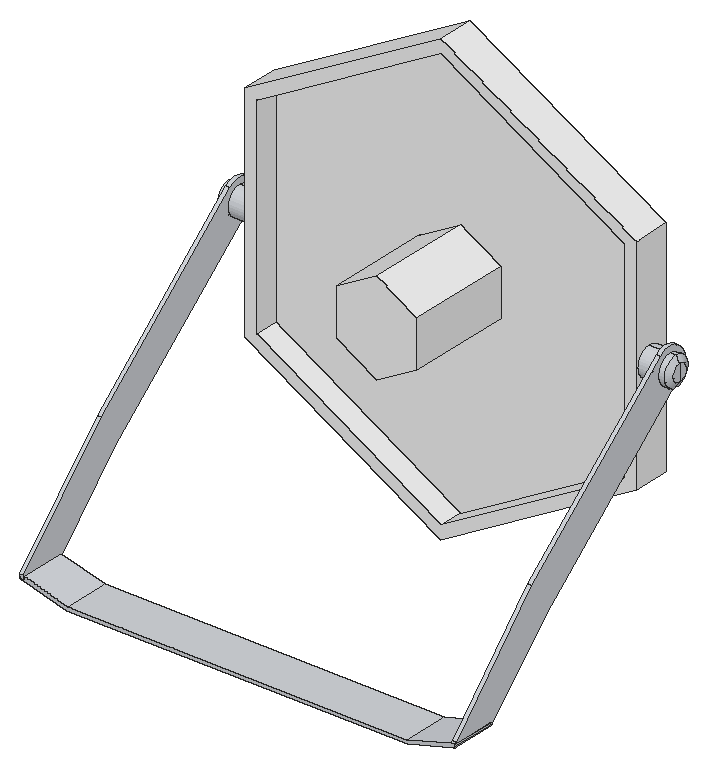
Revit family "Lighting-Proiezione-GEWISS-ESALITE-FL-PROIETTORI-LED_24K_DALI", category Apparecchi per illuminazione, host Superficie, Revit 2019 (continued)
Definition of nested family "Laterale - FL24"
  Lines and regions (mm)
    detail lines, in view "Livello rif."
      curve 309: line (-342.633, 0.917, 0) -> (-342.241, 0.617, 0)
      curve 310: line (-342.241, 0.617, 0) -> (-341.851, 0.369, 0)
      curve 311: line (-341.851, 0.369, 0) -> (-341.599, 0.236, 0)
      curve 312: line (-341.599, 0.236, 0) -> (-341.36, 0.132, 0)
      curve 313: line (-341.36, 0.132, 0) -> (-341.045, 0.032, 0)
      curve 314: line (-341.045, 0.032, 0) -> (-340.801, 0, 0)
      curve 315: line (-208.306, 86.16, 0) -> (-208.84, 85.911, 0)
      curve 316: line (-208.84, 85.911, 0) -> (-209.194, 85.725, 0)
      curve 317: line (-209.194, 85.725, 0) -> (-209.88, 85.332, 0)
      curve 318: line (-209.88, 85.332, 0) -> (-210.897, 84.701, 0)
      curve 319: line (-210.897, 84.701, 0) -> (-211.882, 84.069, 0)
      curve 320: line (-211.882, 84.069, 0) -> (-212.37, 83.76, 0)
      curve 321: line (-212.37, 83.76, 0) -> (-212.998, 83.384, 0)
      curve 322: line (-212.998, 83.384, 0) -> (-213.309, 83.216, 0)
      curve 323: line (-208.306, 146.251, 0) -> (-208.726, 146.092, 0)
      curve 324: line (-208.726, 146.092, 0) -> (-209.238, 145.923, 0)
      curve 325: line (-209.238, 145.923, 0) -> (-210.286, 145.605, 0)
      curve 326: line (-210.286, 145.605, 0) -> (-211.386, 145.275, 0)
      curve 327: line (-211.386, 145.275, 0) -> (-212.446, 144.931, 0)
      curve 328: line (-212.446, 144.931, 0) -> (-212.916, 144.756, 0)
      curve 329: line (-212.916, 144.756, 0) -> (-213.309, 144.581, 0)
      curve 330: arc (5.288, 265.386, 0) -> (8.111, 297.828, 0) -> (-24.334, 300.621, 0) r 23.016
      curve 331: circle (-9.507, 283.018, 0) r 7.405 normal (0, 0, 1)
      curve 332: circle (-9.507, 283.018, 0) r 10.707 normal (0, 0, 1)
      curve 333: line (-135.704, 289.405, 0) -> (-85.55, 290.28, 0)
      curve 334: line (-135.704, 276.63, 0) -> (-85.536, 275.755, 0)
      curve 335: line (-65.164, 427.446, 0) -> (-59.787, 427.538, 0)
      curve 336: line (-59.787, 427.538, 0) -> (-65.164, 427.446, 0)
      curve 337: line (-136.695, 277.631, 0) -> (-136.695, 288.404, 0)
      curve 338: line (-100.88, 336.015, 0) -> (-102.35, 336.015, 0)
      curve 339: line (-103.454, 328.872, 0) -> (-102.975, 328.049, 0)
      curve 340: line (-102.975, 328.049, 0) -> (-102.78, 328.055, 0)
      curve 341: line (-102.78, 328.055, 0) -> (-102.308, 328.873, 0)
      curve 342: line (-102.703, 357.247, 0) -> (-102.224, 358.07, 0)
      curve 343: line (-102.224, 358.07, 0) -> (-102.03, 358.064, 0)
      curve 344: line (-102.03, 358.064, 0) -> (-101.558, 357.246, 0)
      curve 345: line (-104.205, 357.246, 0) -> (-103.725, 358.07, 0)
      curve 346: line (-103.725, 358.07, 0) -> (-103.531, 358.064, 0)
      curve 347: line (-103.531, 358.064, 0) -> (-103.06, 357.248, 0)
      curve 348: line (-104.955, 328.872, 0) -> (-104.476, 328.049, 0)
      curve 349: line (-104.476, 328.049, 0) -> (-104.282, 328.055, 0)
      curve 350: line (-104.282, 328.055, 0) -> (-103.81, 328.871, 0)
      curve 351: line (-105.706, 357.246, 0) -> (-105.226, 358.07, 0)
      curve 352: line (-105.226, 358.07, 0) -> (-105.032, 358.064, 0)
      curve 353: line (-105.032, 358.064, 0) -> (-104.56, 357.247, 0)
      curve 354: line (-106.456, 328.872, 0) -> (-105.977, 328.049, 0)
      curve 355: line (-105.977, 328.049, 0) -> (-105.783, 328.055, 0)
      curve 356: line (-105.783, 328.055, 0) -> (-105.311, 328.871, 0)
      curve 357: line (-107.207, 357.246, 0) -> (-106.727, 358.07, 0)
      curve 358: line (-106.727, 358.07, 0) -> (-106.533, 358.064, 0)
      curve 359: line (-106.533, 358.064, 0) -> (-106.061, 357.247, 0)
      curve 360: line (-107.957, 328.872, 0) -> (-107.478, 328.049, 0)
      curve 361: line (-107.478, 328.049, 0) -> (-107.284, 328.055, 0)
      curve 362: line (-107.284, 328.055, 0) -> (-106.812, 328.871, 0)
      curve 363: line (-108.708, 357.246, 0) -> (-108.228, 358.07, 0)
      curve 364: line (-108.228, 358.07, 0) -> (-108.034, 358.064, 0)
      curve 365: line (-108.034, 358.064, 0) -> (-107.562, 357.247, 0)
      curve 366: line (-109.458, 328.872, 0) -> (-108.979, 328.049, 0)
      curve 367: line (-108.979, 328.049, 0) -> (-108.785, 328.055, 0)
      curve 368: line (-108.785, 328.055, 0) -> (-108.313, 328.871, 0)
      curve 369: line (-110.208, 357.247, 0) -> (-109.729, 358.07, 0)
      curve 370: line (-109.729, 358.07, 0) -> (-109.535, 358.064, 0)
      curve 371: line (-109.535, 358.064, 0) -> (-109.064, 357.247, 0)
      curve 372: line (-110.286, 328.055, 0) -> (-109.814, 328.871, 0)
      curve 373: line (-100.616, 328.97, 0) -> (-102.131, 328.97, 0)
      curve 374: line (-95.749, 326.048, 0) -> (-99.607, 326.048, 0)
      curve 375: line (-94.707, 327.879, 0) -> (-79.082, 327.879, 0)
      curve 376: line (-100.598, 357.149, 0) -> (-101.38, 357.149, 0)
      curve 377: line (-95.748, 360.071, 0) -> (-99.607, 360.071, 0)
      curve 378: line (-94.769, 358.24, 0) -> (-81.148, 358.24, 0)
      curve 379: line (-110.382, 359.86, 0) -> (-110.382, 359.183, 0)
      curve 380: line (-110.382, 359.183, 0) -> (-110.382, 355.274, 0)
      curve 381: line (-110.382, 355.123, 0) -> (-110.382, 351.179, 0)
      curve 382: line (-110.382, 351.056, 0) -> (-110.382, 343.528, 0)
      curve 383: line (-110.382, 343.528, 0) -> (-110.382, 343.36, 0)
      curve 384: line (-110.382, 343.36, 0) -> (-110.382, 338.431, 0)
      curve 385: line (-110.382, 338.431, 0) -> (-110.382, 338.257, 0)
      curve 386: line (-110.382, 338.257, 0) -> (-110.382, 331.508, 0)
      curve 387: line (-110.382, 331.421, 0) -> (-110.382, 328.395, 0)
      curve 388: line (-110.382, 328.271, 0) -> (-110.382, 326.25, 0)
      curve 389: line (-113.384, 359.991, 0) -> (-113.384, 359.384, 0)
      curve 390: line (-113.384, 359.384, 0) -> (-113.384, 357.792, 0)
      curve 391: line (-113.384, 357.792, 0) -> (-113.384, 355.42, 0)
      curve 392: line (-113.384, 355.172, 0) -> (-113.384, 351.36, 0)
      curve 393: line (-113.384, 351.159, 0) -> (-113.384, 343.527, 0)
      curve 394: line (-113.384, 343.255, 0) -> (-113.384, 338.489, 0)
      curve 395: line (-113.384, 331.37, 0) -> (-113.384, 338.203, 0)
      curve 396: line (-113.384, 328.294, 0) -> (-113.384, 331.227, 0)
      curve 397: line (-113.384, 328.093, 0) -> (-113.384, 326.054, 0)
      curve 398: line (-113.384, 326.054, 0) -> (-110.591, 326.054, 0)
      curve 399: line (-133.398, 356.862, 0) -> (-133.398, 356.653, 0)
      curve 400: line (-133.398, 356.653, 0) -> (-133.398, 354.326, 0)
      curve 401: line (-133.398, 354.326, 0) -> (-133.398, 351.926, 0)
      curve 402: line (-133.398, 351.926, 0) -> (-133.398, 347.672, 0)
      curve 403: line (-133.398, 347.672, 0) -> (-133.398, 338.447, 0)
      curve 404: line (-133.398, 338.447, 0) -> (-133.398, 334.099, 0)
      curve 405: line (-133.398, 334.099, 0) -> (-133.398, 329.487, 0)
      curve 406: line (-133.398, 329.487, 0) -> (-133.398, 329.257, 0)
      curve 407: line (-113.382, 360.065, 0) -> (-110.582, 360.065, 0)
      curve 408: line (-132.255, 358.012, 0) -> (-126.655, 358.012, 0)
      curve 409: line (-132.255, 328.107, 0) -> (-126.702, 328.107, 0)
      curve 410: line (-133.252, 357.216, 0) -> (-132.603, 357.865, 0)
      curve 411: line (-133.252, 328.903, 0) -> (-132.603, 328.254, 0)
      curve 412: line (-80.61, 364.415, 0) -> (-77.246, 364.415, 0)
      curve 413: line (57.131, 13.22, 0) -> (60.042, 23.991, 0)
      curve 414: line (60.042, 23.948, 0) -> (60.042, 542.087, 0)
      curve 415: line (0, 259.295, 0) -> (0, 260.949, 0)
      curve 416: line (0, 260.949, 0) -> (0, 33.93, 0)
      curve 417: line (0, 33.93, 0) -> (0, 16.436, 0)
      curve 418: line (0, 16.436, 0) -> (0, 15.899, 0)
      curve 419: line (0, 550.136, 0) -> (0, 532.089, 0)
      curve 420: line (0, 532.089, 0) -> (0, 303.979, 0)
      curve 421: line (56.509, 13.22, 0) -> (0.979, 14.899, 0)
      curve 422: line (56.509, 552.815, 0) -> (0.979, 551.136, 0)
      curve 423: line (-0.981, 34.213, 0) -> (-15.159, 34.489, 0)
      curve 424: line (-15.159, 531.546, 0) -> (-0.949, 531.823, 0)
      curve 425: line (-0.949, 531.823, 0) -> (-15.159, 531.546, 0)
      curve 426: line (-49.495, 79.38, 0) -> (-59.642, 138.254, 0)
      curve 427: line (-49.174, 60.525, 0) -> (-51.634, 74.648, 0)
      curve 428: line (-51.697, 75.344, 0) -> (-51.697, 75.668, 0)
      curve 429: line (-213.309, 83.216, 0) -> (-295.06, 0, 0)
      curve 430: line (-295.06, 0, 0) -> (-340.801, 0, 0)
      curve 431: line (-213.309, 144.581, 0) -> (-345.514, 10.007, 0)
      curve 432: line (5.288, 265.386, 0) -> (-208.306, 86.16, 0)
      curve 433: line (-24.334, 300.621, 0) -> (-208.306, 146.251, 0)
      curve 434: arc (-79.651, 269.739, 0) -> (-79.599, 262.039, 0) -> (-79.491, 254.339, 0) r 1058.743
      curve 435: arc (-74.529, 397.092, 0) -> (-78.292, 346.747, 0) -> (-79.651, 296.28, 0) r 1058.747
      curve 436: line (-102.381, 336.015, 0) -> (-102.282, 331.719, 0)
      curve 437: line (-102.282, 331.719, 0) -> (-102.228, 330.122, 0)
      curve 438: line (-102.228, 330.122, 0) -> (-102.19, 329.401, 0)
      curve 439: line (-102.19, 329.401, 0) -> (-102.15, 329.019, 0)
      curve 440: line (-100.178, 328.71, 0) -> (-100.133, 326.875, 0)
      curve 441: line (-100.133, 326.875, 0) -> (-100.112, 326.552, 0)
      curve 442: line (-100.093, 326.664, 0) -> (-100.081, 326.969, 0)
      curve 443: line (-100.081, 326.969, 0) -> (-100.061, 328.127, 0)
      curve 444: line (-100.061, 328.127, 0) -> (-100.036, 333.103, 0)
      curve 445: line (-100.036, 333.103, 0) -> (-100.036, 340.348, 0)
      curve 446: line (-100.036, 340.348, 0) -> (-100.083, 348.214, 0)
      curve 447: line (-100.083, 348.214, 0) -> (-100.144, 354.902, 0)
      curve 448: line (-100.144, 354.902, 0) -> (-100.179, 357.363, 0)
      curve 449: spline (-110.582, 326.054, 0) -> (-110.556, 326.056, 0) -> (-110.53, 326.061, 0) -> (-110.506, 326.069, 0) -> (-110.482, 326.081, 0) -> (-110.46, 326.096, 0) -> (-110.441, 326.113, 0) -> (-110.423, 326.132, 0) -> (-110.409, 326.154, 0) -> (-110.397, 326.178, 0) -> (-110.389, 326.202, 0) -> (-110.384, 326.228, 0) -> (-110.382, 326.254, 0)
      curve 450: arc (-122.823, 325.447, 0) -> (-122.235, 325.381, 0) -> (-121.646, 325.327, 0) r 25.802
      curve 451: arc (-121.635, 325.326, 0) -> (-117.479, 325.344, 0) -> (-113.384, 326.054, 0) r 24.846
      curve 452: line (-113.384, 326.054, 0) -> (-110.591, 326.054, 0)
      curve 453: line (56.522, 148.147, 0) -> (0, 148.717, 0)
      curve 454: line (60.042, 417.563, 0) -> (0, 417.318, 0)
      curve 455: line (-49.178, 60.546, 0) -> (-49.178, 60.899, 0)
      curve 456: line (-49.495, 486.655, 0) -> (-59.787, 427.538, 0)
      curve 457: circle (-9.507, 283.018, 0) r 18.013 normal (0, 0, 1)
      curve 458: line (57.131, 13.22, 0) -> (56.522, 13.22, 0)
      curve 459: line (56.522, 13.22, 0) -> (56.522, 552.815, 0)
      curve 460: line (56.522, 552.815, 0) -> (56.942, 552.815, 0)
      curve 461: line (-65.164, 138.589, 0) -> (-60.631, 138.481, 0)
      curve 462: line (-80.912, 364.115, 0) -> (-80.912, 359.233, 0)
      curve 463: line (-49.174, 505.51, 0) -> (-51.697, 490.367, 0)
Definition of nested family "Dall'alto - FL24"
  Reference planes
    plane 1 "Centro (Fronte/Retro)": y = 0
    plane 2: z = 0
    plane 3 "Centro (Sinistra/Destra)": x = 0
  Lines and regions (mm)
    model lines, in view "Livello rif."
      curve 1: arc (8.393, 66.647, 0) -> (9.094, 66.933, 0) -> (9.393, 67.63, 0) r 1.001
      curve 2: arc (138.425, 118.733, 0) -> (138.115, 119.408, 0) -> (137.426, 119.684, 0) r 1.001
      curve 3: arc (-132.321, 130.127, 0) -> (-135.319, 128.469, 0) -> (-136.548, 125.271, 0) r 5.003
      curve 4: arc (-112.58, 132.969, 0) -> (-122.46, 131.61, 0) -> (-132.321, 130.127, 0) r 790.117
      curve 5: arc (133.058, 130.127, 0) -> (129.671, 130.651, 0) -> (126.281, 131.159, 0) r 770.023
      curve 6: arc (137.285, 125.27, 0) -> (136.056, 128.469, 0) -> (133.058, 130.126, 0) r 5.004
      curve 7: arc (-98.818, 134.656, 0) -> (-105.702, 133.842, 0) -> (-112.58, 132.969, 0) r 806.288
      curve 8: arc (-30.956, 139.408, 0) -> (-26.852, 141.184, 0) -> (-25.114, 145.305, 0) r 6.004
      curve 9: arc (25.851, 145.305, 0) -> (27.59, 141.183, 0) -> (31.696, 139.408, 0) r 6.004
      curve 10: arc (25.382, 172.157, 0) -> (0.368, 196.737, 0) -> (-24.645, 172.156, 0) r 25.017
      curve 11: arc (103.139, 118.748, 0) -> (102.825, 119.413, 0) -> (102.141, 119.684, 0) r 1.001
      curve 12: line (94.415, 119.684, 0) -> (94.181, 119.792, 0)
      curve 13: line (94.181, 119.792, 0) -> (94.055, 119.912, 0)
      curve 14: line (94.055, 119.912, 0) -> (93.909, 120.143, 0)
      curve 15: line (93.909, 120.143, 0) -> (93.795, 120.438, 0)
      curve 16: line (93.795, 120.438, 0) -> (93.765, 120.628, 0)
      curve 17: arc (93.631, 123.083, 0) -> (93.37, 123.711, 0) -> (92.768, 124.028, 0) r 1.001
      curve 18: line (92.19, 124.105, 0) -> (89.052, 124.552, 0)
      curve 19: line (89.052, 124.552, 0) -> (87.651, 124.778, 0)
      curve 20: arc (-80.565, 136.512, 0) -> (-89.697, 135.637, 0) -> (-98.818, 134.656, 0) r 791.309
      curve 21: arc (-30.955, 139.41, 0) -> (-45.979, 138.863, 0) -> (-60.989, 138.03, 0) r 791.315
      curve 22: arc (89.17, 135.765, 0) -> (60.464, 138.111, 0) -> (31.692, 139.41, 0) r 791.329
      curve 23: arc (88.748, 128.903, 0) -> (89.048, 129.07, 0) -> (89.17, 129.39, 0) r 0.501
      curve 24: arc (118.552, 161.975, 0) -> (118.48, 161.899, 0) -> (118.454, 161.797, 0) r 0.209
      curve 25: arc (90.274, 161.047, 0) -> (90.248, 161.149, 0) -> (90.176, 161.225, 0) r 0.209
      curve 26: arc (90.274, 162.55, 0) -> (90.248, 162.651, 0) -> (90.176, 162.726, 0) r 0.209
      curve 27: line (87.885, 128.895, 0) -> (88.748, 128.903, 0)
      curve 28: arc (90.177, 162.37, 0) -> (90.249, 162.447, 0) -> (90.274, 162.55, 0) r 0.209
      curve 29: arc (118.553, 163.477, 0) -> (118.479, 163.398, 0) -> (118.454, 163.293, 0) r 0.209
      curve 30: arc (118.454, 163.293, 0) -> (118.481, 163.194, 0) -> (118.552, 163.12, 0) r 0.21
      curve 31: arc (90.274, 164.048, 0) -> (90.248, 164.15, 0) -> (90.176, 164.227, 0) r 0.21
      curve 32: arc (90.177, 163.87, 0) -> (90.248, 163.947, 0) -> (90.274, 164.048, 0) r 0.21
      curve 33: arc (95.305, 131.124, 0) -> (95.242, 131.236, 0) -> (95.136, 131.309, 0) r 0.289
      curve 34: line (95.136, 131.309, 0) -> (94.858, 131.451, 0)
      curve 35: line (94.858, 131.451, 0) -> (94.59, 131.658, 0)
      curve 36: line (94.59, 131.658, 0) -> (94.344, 131.941, 0)
      curve 37: line (94.344, 131.941, 0) -> (94.152, 132.274, 0)
      curve 38: line (94.152, 132.274, 0) -> (94.022, 132.641, 0)
      curve 39: line (94.022, 132.641, 0) -> (93.959, 133.029, 0)
      curve 40: line (93.959, 133.029, 0) -> (93.963, 133.423, 0)
      curve 41: line (93.963, 133.423, 0) -> (94.035, 133.81, 0)
      curve 42: line (94.035, 133.81, 0) -> (94.174, 134.176, 0)
      curve 43: line (94.174, 134.176, 0) -> (94.375, 134.505, 0)
      curve 44: line (94.375, 134.505, 0) -> (94.574, 134.729, 0)
      curve 45: arc (118.552, 164.978, 0) -> (118.479, 164.9, 0) -> (118.454, 164.796, 0) r 0.209
      curve 46: arc (118.454, 164.796, 0) -> (118.481, 164.696, 0) -> (118.552, 164.621, 0) r 0.21
      curve 47: arc (90.274, 165.541, 0) -> (90.25, 165.648, 0) -> (90.177, 165.728, 0) r 0.209
      curve 48: arc (90.176, 165.371, 0) -> (90.246, 165.444, 0) -> (90.274, 165.541, 0) r 0.21
      curve 49: arc (118.552, 166.479, 0) -> (118.479, 166.401, 0) -> (118.454, 166.297, 0) r 0.209
      curve 50: arc (118.454, 166.297, 0) -> (118.481, 166.197, 0) -> (118.552, 166.122, 0) r 0.21
      curve 51: arc (90.274, 167.042, 0) -> (90.25, 167.149, 0) -> (90.177, 167.229, 0) r 0.209
      curve 52: arc (90.176, 166.872, 0) -> (90.246, 166.945, 0) -> (90.274, 167.042, 0) r 0.21
      curve 53: arc (118.552, 167.98, 0) -> (118.479, 167.902, 0) -> (118.454, 167.798, 0) r 0.209
      curve 54: arc (118.454, 167.798, 0) -> (118.481, 167.698, 0) -> (118.552, 167.623, 0) r 0.21
      curve 55: arc (90.274, 168.543, 0) -> (90.25, 168.65, 0) -> (90.177, 168.73, 0) r 0.209
      curve 56: arc (90.176, 168.374, 0) -> (90.246, 168.446, 0) -> (90.274, 168.543, 0) r 0.21
      curve 57: arc (118.552, 169.481, 0) -> (118.479, 169.403, 0) -> (118.454, 169.299, 0) r 0.209
      curve 58: arc (118.454, 169.299, 0) -> (118.481, 169.199, 0) -> (118.552, 169.124, 0) r 0.21
      curve 59: arc (89.959, 160.147, 0) -> (90.188, 160.331, 0) -> (90.274, 160.611, 0) r 0.5
      curve 60: line (89.959, 160.147, 0) -> (88.289, 160.116, 0)
      curve 61: line (88.289, 160.116, 0) -> (87.892, 160.102, 0)
      curve 62: line (87.892, 160.102, 0) -> (87.711, 160.076, 0)
      curve 63: line (87.711, 160.076, 0) -> (87.559, 160.001, 0)
      curve 64: line (87.559, 160.001, 0) -> (87.44, 159.879, 0)
      curve 65: line (87.44, 159.879, 0) -> (87.352, 159.688, 0)
      curve 66: line (88.773, 155.311, 0) -> (87.892, 155.336, 0)
      curve 67: line (87.892, 155.336, 0) -> (87.711, 155.362, 0)
      curve 68: line (87.711, 155.362, 0) -> (87.559, 155.438, 0)
      curve 69: line (87.559, 155.438, 0) -> (87.44, 155.559, 0)
      curve 70: line (87.44, 155.559, 0) -> (87.352, 155.751, 0)
      curve 71: arc (89.17, 154.827, 0) -> (89.057, 155.139, 0) -> (88.773, 155.311, 0) r 0.501
      curve 72: arc (118.454, 160.611, 0) -> (118.578, 160.281, 0) -> (118.889, 160.116, 0) r 0.499
      curve 73: line (120.929, 160.116, 0) -> (121.163, 160.005, 0)
      curve 74: line (121.163, 160.005, 0) -> (121.285, 159.883, 0)
      curve 75: line (121.285, 159.883, 0) -> (121.376, 159.689, 0)
      curve 76: line (119.958, 155.312, 0) -> (120.738, 155.332, 0)
      curve 77: line (120.738, 155.332, 0) -> (120.939, 155.345, 0)
      curve 78: line (120.939, 155.345, 0) -> (121.099, 155.394, 0)
      curve 79: line (121.099, 155.394, 0) -> (121.231, 155.491, 0)
      curve 80: line (121.231, 155.491, 0) -> (121.329, 155.632, 0)
      curve 81: line (121.329, 155.632, 0) -> (121.374, 155.799, 0)
      curve 82: arc (119.958, 155.312, 0) -> (119.671, 155.138, 0) -> (119.558, 154.822, 0) r 0.5
      curve 83: arc (117.874, 192.94, 0) -> (117.727, 193.294, 0) -> (117.373, 193.44, 0) r 0.5
      curve 84: arc (91.355, 193.44, 0) -> (91.001, 193.294, 0) -> (90.855, 192.94, 0) r 0.5
      curve 85: arc (87.359, 170.632, 0) -> (87.414, 170.486, 0) -> (87.558, 170.424, 0) r 0.2
      curve 86: arc (121.169, 170.424, 0) -> (121.311, 170.482, 0) -> (121.37, 170.624, 0) r 0.2
      curve 87: arc (121.979, 182.846, 0) -> (121.726, 184.429, 0) -> (121.373, 185.993, 0) r 25.018
      curve 88: arc (87.324, 185.874, 0) -> (86.993, 184.381, 0) -> (86.753, 182.87, 0) r 25.018
      curve 89: arc (86.636, 181.736, 0) -> (86.646, 177.549, 0) -> (87.359, 173.423, 0) r 24.866
      curve 90: arc (121.37, 173.424, 0) -> (122.08, 177.531, 0) -> (122.096, 181.698, 0) r 24.866
      curve 91: arc (122.096, 181.698, 0) -> (122.043, 182.273, 0) -> (121.979, 182.846, 0) r 25.77
      curve 92: line (118.329, 186.195, 0) -> (120.417, 186.171, 0)
      curve 93: line (120.417, 186.171, 0) -> (120.884, 186.156, 0)
      curve 94: line (120.884, 186.156, 0) -> (121.061, 186.136, 0)
      curve 95: line (121.061, 186.136, 0) -> (121.373, 185.993, 0)
      curve 96: arc (86.753, 182.869, 0) -> (86.682, 182.246, 0) -> (86.627, 181.622, 0) r 25.77
      curve 97: line (90.482, 186.209, 0) -> (88.217, 186.169, 0)
      curve 98: line (88.217, 186.169, 0) -> (87.694, 186.15, 0)
      curve 99: line (87.694, 186.15, 0) -> (87.489, 186.053, 0)
      curve 100: line (87.489, 186.053, 0) -> (87.324, 185.874, 0)
      curve 101: arc (117.874, 186.692, 0) -> (118.005, 186.355, 0) -> (118.329, 186.195, 0) r 0.5
      curve 102: arc (90.482, 186.209, 0) -> (90.748, 186.384, 0) -> (90.855, 186.685, 0) r 0.5
      curve 103: spline (109.76, 130.947, 0) -> (109.676, 130.945, 0) -> (109.592, 130.941, 0) -> (109.508, 130.934, 0) -> (109.425, 130.924, 0) -> (109.342, 130.912, 0) -> (109.259, 130.897, 0) -> (109.176, 130.879, 0) -> (109.094, 130.859, 0) -> (109.012, 130.836, 0) -> (108.931, 130.811, 0) -> (108.851, 130.783, 0) -> (108.771, 130.752, 0)
      curve 104: spline (108.771, 130.752, 0) -> (107.964, 130.38, 0) -> (107.188, 129.932, 0) -> (106.446, 129.41, 0) -> (105.744, 128.819, 0) -> (105.088, 128.162, 0) -> (104.481, 127.445, 0) -> (103.929, 126.671, 0) -> (103.434, 125.847, 0) -> (103, 124.978, 0) -> (102.631, 124.07, 0) -> (102.329, 123.13, 0) -> (102.096, 122.164, 0)
      curve 105: spline (101.189, 119.684, 0) -> (101.292, 119.875, 0) -> (101.39, 120.07, 0) -> (101.483, 120.268, 0) -> (101.572, 120.469, 0) -> (101.655, 120.673, 0) -> (101.733, 120.88, 0) -> (101.807, 121.088, 0) -> (101.875, 121.3, 0) -> (101.938, 121.513, 0) -> (101.996, 121.728, 0) -> (102.048, 121.945, 0) -> (102.096, 122.164, 0)
      curve 106: arc (112.685, 141.013, 0) -> (112.866, 141.11, 0) -> (113.027, 141.236, 0) r 1.208
      curve 107: arc (112.395, 140.954, 0) -> (112.543, 140.97, 0) -> (112.684, 141.014, 0) r 0.79
      curve 108: arc (114.068, 142.535, 0) -> (114.564, 143.213, 0) -> (115.016, 143.922, 0) r 13.211
      curve 109: line (114.068, 142.535, 0) -> (113.584, 141.884, 0)
      curve 110: line (113.584, 141.884, 0) -> (113.335, 141.56, 0)
      curve 111: line (113.335, 141.56, 0) -> (113.212, 141.418, 0)
      curve 112: line (113.212, 141.418, 0) -> (113.027, 141.236, 0)
      curve 113: arc (118.837, 149.045, 0) -> (116.859, 146.684, 0) -> (115.14, 144.127, 0) r 29.223
      curve 114: line (118.857, 149.065, 0) -> (119.314, 149.504, 0)
      curve 115: line (119.314, 149.504, 0) -> (119.823, 149.909, 0)
      curve 116: line (119.823, 149.909, 0) -> (120.364, 150.267, 0)
      curve 117: line (120.364, 150.267, 0) -> (120.917, 150.566, 0)
      curve 118: line (120.917, 150.566, 0) -> (121.455, 150.796, 0)
      curve 119: line (121.455, 150.796, 0) -> (121.942, 150.941, 0)
      curve 120: line (121.942, 150.941, 0) -> (122.16, 150.979, 0)
      curve 121: line (122.16, 150.979, 0) -> (122.356, 150.992, 0)
      curve 122: line (126.71, 150.959, 0) -> (126.362, 150.992, 0)
      curve 123: arc (107.994, 140.954, 0) -> (107.449, 140.882, 0) -> (106.935, 140.688, 0) r 2.377
      curve 124: line (91.731, 136.129, 0) -> (92.073, 135.721, 0)
      curve 125: line (92.073, 135.721, 0) -> (92.415, 135.413, 0)
      curve 126: line (92.415, 135.413, 0) -> (92.825, 135.137, 0)
      curve 127: line (92.825, 135.137, 0) -> (93.25, 134.934, 0)
      curve 128: line (93.25, 134.934, 0) -> (93.672, 134.805, 0)
      curve 129: line (93.672, 134.805, 0) -> (94.1, 134.739, 0)
      curve 130: line (94.1, 134.739, 0) -> (94.34, 134.729, 0)
      curve 131: spline (91.128, 138.04, 0) -> (91.132, 137.867, 0) -> (91.145, 137.695, 0) -> (91.167, 137.524, 0) -> (91.197, 137.355, 0) -> (91.236, 137.188, 0) -> (91.283, 137.025, 0) -> (91.339, 136.864, 0) -> (91.402, 136.707, 0) -> (91.473, 136.555, 0) -> (91.552, 136.408, 0) -> (91.638, 136.266, 0) -> (91.731, 136.129, 0)
      curve 132: spline (102.701, 139.642, 0) -> (103.064, 139.649, 0) -> (103.427, 139.671, 0) -> (103.789, 139.708, 0) -> (104.15, 139.759, 0) -> (104.509, 139.825, 0) -> (104.865, 139.906, 0) -> (105.219, 140.001, 0) -> (105.57, 140.11, 0) -> (105.918, 140.234, 0) -> (106.262, 140.371, 0) -> (106.601, 140.523, 0) -> (106.935, 140.688, 0)
      curve 133: line (92.708, 141.747, 0) -> (92.362, 141.479, 0)
      curve 134: line (92.362, 141.479, 0) -> (92.05, 141.161, 0)
      curve 135: line (92.05, 141.161, 0) -> (91.783, 140.809, 0)
      curve 136: line (91.783, 140.809, 0) -> (91.548, 140.403, 0)
      curve 137: line (91.548, 140.403, 0) -> (91.366, 139.976, 0)
      curve 138: line (91.366, 139.976, 0) -> (91.234, 139.527, 0)
      curve 139: line (91.234, 139.527, 0) -> (91.154, 139.063, 0)
      curve 140: line (91.154, 139.063, 0) -> (91.128, 138.592, 0)
      curve 141: line (94.34, 142.254, 0) -> (93.886, 142.218, 0)
      curve 142: line (93.886, 142.218, 0) -> (93.465, 142.116, 0)
      curve 143: line (93.465, 142.116, 0) -> (93.056, 141.95, 0)
      curve 144: line (93.056, 141.95, 0) -> (92.775, 141.791, 0)
      curve 145: line (124.236, 140.954, 0) -> (124.037, 141.02, 0)
      curve 146: line (124.037, 141.02, 0) -> (123.634, 141.292, 0)
      curve 147: arc (124.262, 130.947, 0) -> (123.631, 130.866, 0) -> (123.04, 130.628, 0) r 2.5
      curve 148: arc (126.281, 140.653, 0) -> (126.193, 140.866, 0) -> (125.98, 140.954, 0) r 0.3
      curve 149: line (123.821, 142.48, 0) -> (124.049, 143.018, 0)
      curve 150: line (124.049, 143.018, 0) -> (124.355, 143.57, 0)
      curve 151: line (124.355, 143.57, 0) -> (124.486, 143.775, 0)
      curve 152: arc (127.094, 147.103, 0) -> (125.724, 145.491, 0) -> (124.486, 143.775, 0) r 26.559
      curve 153: line (127.947, 149.063, 0) -> (128.017, 148.91, 0)
      curve 154: line (128.017, 148.91, 0) -> (128.042, 148.713, 0)
      curve 155: line (128.042, 148.713, 0) -> (128.008, 148.482, 0)
      curve 156: line (128.008, 148.482, 0) -> (127.907, 148.217, 0)
      curve 157: line (127.907, 148.217, 0) -> (127.716, 147.883, 0)
      curve 158: line (127.716, 147.883, 0) -> (127.41, 147.467, 0)
      curve 159: line (127.41, 147.467, 0) -> (127.094, 147.103, 0)
      curve 160: line (123.634, 141.292, 0) -> (123.645, 141.749, 0)
      curve 161: line (123.645, 141.749, 0) -> (123.716, 142.137, 0)
      curve 162: line (123.716, 142.137, 0) -> (123.821, 142.48, 0)
      curve 163: arc (-238.237, 3.528, 0) -> (-237.953, 2.804, 0) -> (-237.236, 2.502, 0) r 1.001
      curve 164: arc (-142.65, 113.147, 0) -> (-144.392, 116.941, 0) -> (-148.405, 118.094, 0) r 5.003
      curve 165: arc (237.973, 2.502, 0) -> (238.687, 2.801, 0) -> (238.974, 3.52, 0) r 1.001
      curve 166: arc (237.722, 75.251, 0) -> (234.368, 89.557, 0) -> (225.441, 101.228, 0) r 35.025
      curve 167: arc (149.142, 118.094, 0) -> (145.129, 116.941, 0) -> (143.387, 113.147, 0) r 5.003
      curve 168: spline (225.441, 101.228, 0) -> (224.319, 102.241, 0) -> (223.159, 103.193, 0) -> (221.961, 104.081, 0) -> (220.729, 104.904, 0) -> (219.465, 105.661, 0) -> (218.172, 106.349, 0) -> (216.853, 106.966, 0) -> (215.51, 107.513, 0) -> (214.147, 107.986, 0) -> (212.767, 108.387, 0) -> (211.372, 108.712, 0) -> (209.966, 108.963, 0)
      curve 169: arc (-264.817, 55.038, 0) -> (-265.524, 54.745, 0) -> (-265.817, 54.038, 0) r 1.001
      curve 170: arc (-241.801, 62.043, 0) -> (-245.339, 60.578, 0) -> (-246.804, 57.04, 0) r 5.003
      curve 171: arc (266.554, 54.038, 0) -> (266.261, 54.745, 0) -> (265.554, 55.038, 0) r 1.001
      curve 172: arc (247.541, 57.04, 0) -> (246.076, 60.578, 0) -> (242.538, 62.043, 0) r 5.003
      curve 173: line (-192.321, 403.054, 0) -> (-192.178, 403.284, 0)
      curve 174: line (-191.622, 403.435, 0) -> (-191.425, 403.25, 0)
      curve 175: line (-191.425, 403.25, 0) -> (-191.14, 402.937, 0)
      curve 176: line (-191.14, 402.937, 0) -> (-190.807, 402.572, 0)
      curve 177: line (-190.807, 402.572, 0) -> (-190.27, 402.039, 0)
      curve 178: line (-190.27, 402.039, 0) -> (-189.966, 401.774, 0)
      curve 179: line (-189.966, 401.774, 0) -> (-189.619, 401.509, 0)
      curve 180: line (-189.619, 401.509, 0) -> (-189.247, 401.27, 0)
      curve 181: line (-189.247, 401.27, 0) -> (-188.888, 401.087, 0)
      curve 182: line (-188.888, 401.087, 0) -> (-188.512, 400.947, 0)
      curve 183: line (-188.512, 400.947, 0) -> (-188.12, 400.863, 0)
      curve 184: line (-188.12, 400.863, 0) -> (-187.82, 400.843, 0)
      curve 185: line (-196.654, 405.556, 0) -> (-196.487, 405.803, 0)
      curve 186: line (-195.926, 405.92, 0) -> (-195.775, 405.843, 0)
      curve 187: arc (-272.97, 273.373, 0) -> (-273.979, 270.95, 0) -> (-274.323, 268.348, 0) r 10.007
      curve 188: arc (-268.649, 270.849, 0) -> (-269.149, 269.643, 0) -> (-269.32, 268.348, 0) r 5.003
      curve 189: line (-227.126, 342.77, 0) -> (-226.893, 343.147, 0)
      curve 190: line (-226.893, 343.147, 0) -> (-226.721, 343.401, 0)
      curve 191: line (-226.721, 343.401, 0) -> (-226.349, 343.916, 0)
      curve 192: line (-226.349, 343.916, 0) -> (-225.741, 344.707, 0)
      curve 193: line (-225.741, 344.707, 0) -> (-224.454, 346.344, 0)
      curve 194: line (-224.454, 346.344, 0) -> (-223.303, 347.832, 0)
      curve 195: line (-223.303, 347.832, 0) -> (-222.133, 349.353, 0)
      curve 196: line (-222.133, 349.353, 0) -> (-221.341, 350.354, 0)
      curve 197: line (-221.341, 350.354, 0) -> (-220.938, 350.846, 0)
      curve 198: line (-220.938, 350.846, 0) -> (-220.393, 351.482, 0)
      curve 199: line (-220.393, 351.482, 0) -> (-219.831, 352.094, 0)
      curve 200: line (-219.831, 352.094, 0) -> (-219.325, 352.6, 0)
      curve 201: line (-219.325, 352.6, 0) -> (-218.799, 353.074, 0)
      curve 202: line (-218.799, 353.074, 0) -> (-218.206, 353.54, 0)
      curve 203: line (-218.206, 353.54, 0) -> (-217.579, 353.949, 0)
      curve 204: line (-217.579, 353.949, 0) -> (-217.247, 354.131, 0)
      curve 205: line (-217.247, 354.131, 0) -> (-216.906, 354.294, 0)
      curve 206: line (-216.906, 354.294, 0) -> (-216.563, 354.433, 0)
      curve 207: line (-216.563, 354.433, 0) -> (-216.211, 354.551, 0)
      curve 208: line (-216.211, 354.551, 0) -> (-215.625, 354.696, 0)
      curve 209: line (-215.625, 354.696, 0) -> (-215.018, 354.783, 0)
      curve 210: line (-215.018, 354.783, 0) -> (-214.396, 354.811, 0)
      curve 211: line (197.391, 405.556, 0) -> (197.224, 405.803, 0)
      curve 212: line (196.663, 405.92, 0) -> (196.512, 405.843, 0)
      curve 213: line (190.407, 401.548, 0) -> (189.952, 401.334, 0)
      curve 214: line (189.952, 401.334, 0) -> (189.482, 401.139, 0)
      curve 215: line (189.482, 401.139, 0) -> (189.021, 400.975, 0)
      curve 216: line (189.021, 400.975, 0) -> (188.557, 400.843, 0)
      curve 217: line (192.359, 403.435, 0) -> (192.162, 403.25, 0)
      curve 218: line (192.162, 403.25, 0) -> (191.877, 402.937, 0)
      curve 219: line (191.877, 402.937, 0) -> (191.544, 402.572, 0)
      curve 220: line (191.544, 402.572, 0) -> (191.007, 402.039, 0)
      curve 221: line (191.007, 402.039, 0) -> (190.703, 401.774, 0)
      curve 222: line (190.703, 401.774, 0) -> (190.356, 401.509, 0)
      curve 223: line (190.356, 401.509, 0) -> (189.984, 401.27, 0)
      curve 224: line (189.984, 401.27, 0) -> (189.625, 401.087, 0)
      curve 225: line (189.625, 401.087, 0) -> (189.249, 400.947, 0)
      curve 226: line (189.249, 400.947, 0) -> (188.857, 400.863, 0)
      curve 227: line (188.857, 400.863, 0) -> (188.557, 400.843, 0)
      curve 228: arc (275.06, 268.348, 0) -> (274.719, 270.938, 0) -> (273.72, 273.351, 0) r 10.007
      curve 229: arc (270.057, 268.348, 0) -> (269.886, 269.643, 0) -> (269.386, 270.849, 0) r 5.003
      curve 230: line (227.863, 342.77, 0) -> (227.63, 343.147, 0)
      curve 231: line (227.63, 343.147, 0) -> (227.458, 343.401, 0)
      curve 232: line (227.458, 343.401, 0) -> (227.086, 343.916, 0)
      curve 233: line (227.086, 343.916, 0) -> (226.478, 344.707, 0)
      curve 234: line (226.478, 344.707, 0) -> (225.191, 346.344, 0)
      curve 235: line (225.191, 346.344, 0) -> (224.04, 347.832, 0)
      curve 236: line (224.04, 347.832, 0) -> (222.87, 349.353, 0)
      curve 237: line (222.87, 349.353, 0) -> (222.078, 350.354, 0)
      curve 238: line (222.078, 350.354, 0) -> (221.675, 350.846, 0)
      curve 239: line (221.675, 350.846, 0) -> (221.13, 351.482, 0)
      curve 240: line (221.13, 351.482, 0) -> (220.568, 352.094, 0)
      curve 241: line (220.568, 352.094, 0) -> (220.062, 352.6, 0)
      curve 242: line (220.062, 352.6, 0) -> (219.536, 353.074, 0)
      curve 243: line (219.536, 353.074, 0) -> (218.943, 353.54, 0)
      curve 244: line (218.943, 353.54, 0) -> (218.316, 353.949, 0)
      curve 245: line (218.316, 353.949, 0) -> (217.984, 354.131, 0)
      curve 246: line (217.984, 354.131, 0) -> (217.643, 354.294, 0)
      curve 247: line (217.643, 354.294, 0) -> (217.3, 354.433, 0)
      curve 248: line (217.3, 354.433, 0) -> (216.948, 354.551, 0)
      curve 249: line (216.948, 354.551, 0) -> (216.362, 354.696, 0)
      curve 250: line (216.362, 354.696, 0) -> (215.755, 354.783, 0)
      curve 251: line (215.755, 354.783, 0) -> (215.133, 354.811, 0)
      curve 252: arc (-282.002, 51.539, 0) -> (-283.993, 55.218, 0) -> (-286.131, 58.813, 0) r 103.366
      curve 253: arc (-224.704, 101.228, 0) -> (-233.664, 89.486, 0) -> (-236.987, 75.094, 0) r 35.025
      curve 254: spline (-224.704, 101.228, 0) -> (-223.585, 102.239, 0) -> (-222.426, 103.189, 0) -> (-221.231, 104.076, 0) -> (-220.001, 104.899, 0) -> (-218.739, 105.654, 0) -> (-217.449, 106.342, 0) -> (-216.132, 106.959, 0) -> (-214.792, 107.505, 0) -> (-213.432, 107.979, 0) -> (-212.055, 108.38, 0) -> (-210.663, 108.707, 0) -> (-209.259, 108.958, 0)
      curve 255: arc (-8.656, 67.63, 0) -> (-8.357, 66.933, 0) -> (-7.656, 66.647, 0) r 1.001
      curve 256: line (8.393, 66.647, 0) -> (-7.656, 66.647, 0)
      curve 257: line (94.415, 119.684, 0) -> (102.141, 119.684, 0)
      curve 258: line (-136.559, 118.727, 0) -> (-136.559, 125.199, 0)
      curve 259: line (-25.114, 145.305, 0) -> (-24.645, 172.156, 0)
      curve 260: line (25.851, 145.305, 0) -> (25.382, 172.157, 0)
      curve 261: line (92.19, 124.105, 0) -> (92.768, 124.028, 0)
      curve 262: line (93.765, 120.628, 0) -> (93.631, 123.083, 0)
      curve 263: line (118.552, 163.12, 0) -> (119.375, 162.641, 0)
      curve 264: line (119.375, 162.641, 0) -> (119.369, 162.447, 0)
      curve 265: line (119.369, 162.447, 0) -> (118.552, 161.975, 0)
      curve 266: line (90.177, 162.37, 0) -> (89.354, 161.891, 0)
      curve 267: line (89.354, 161.891, 0) -> (89.359, 161.697, 0)
      curve 268: line (89.359, 161.697, 0) -> (90.176, 161.225, 0)
      curve 269: line (95.305, 119.684, 0) -> (95.305, 131.124, 0)
      curve 270: line (90.177, 163.87, 0) -> (89.354, 163.392, 0)
      curve 271: line (89.354, 163.392, 0) -> (89.359, 163.198, 0)
      curve 272: line (89.359, 163.198, 0) -> (90.176, 162.726, 0)
      curve 273: line (87.651, 128.694, 0) -> (87.651, 124.778, 0)
      curve 274: line (118.552, 164.621, 0) -> (119.375, 164.142, 0)
      curve 275: line (119.375, 164.142, 0) -> (119.369, 163.948, 0)
      curve 276: line (119.369, 163.948, 0) -> (118.553, 163.477, 0)
      curve 277: line (90.176, 165.371, 0) -> (89.354, 164.893, 0)
      curve 278: line (89.354, 164.893, 0) -> (89.359, 164.699, 0)
      curve 279: line (89.359, 164.699, 0) -> (90.176, 164.227, 0)
      curve 280: line (118.552, 166.122, 0) -> (119.375, 165.643, 0)
      curve 281: line (119.375, 165.643, 0) -> (119.369, 165.449, 0)
      curve 282: line (119.369, 165.449, 0) -> (118.552, 164.978, 0)
      curve 283: line (90.176, 166.872, 0) -> (89.354, 166.394, 0)
      curve 284: line (89.354, 166.394, 0) -> (89.359, 166.2, 0)
      curve 285: line (89.359, 166.2, 0) -> (90.177, 165.728, 0)
      curve 286: line (118.552, 167.623, 0) -> (119.375, 167.145, 0)
      curve 287: line (119.375, 167.145, 0) -> (119.369, 166.95, 0)
      curve 288: line (119.369, 166.95, 0) -> (118.552, 166.479, 0)
      curve 289: line (90.176, 168.374, 0) -> (89.354, 167.895, 0)
      curve 290: line (89.354, 167.895, 0) -> (89.359, 167.701, 0)
      curve 291: line (89.359, 167.701, 0) -> (90.177, 167.229, 0)
      curve 292: line (118.552, 169.124, 0) -> (119.375, 168.646, 0)
      curve 293: line (119.375, 168.646, 0) -> (119.369, 168.451, 0)
      curve 294: line (119.369, 168.451, 0) -> (118.552, 167.98, 0)
      curve 295: line (89.354, 170.424, 0) -> (89.354, 169.396, 0)
      curve 296: line (89.354, 169.396, 0) -> (89.359, 169.202, 0)
      curve 297: line (89.359, 169.202, 0) -> (90.177, 168.73, 0)
      curve 298: line (118.9, 170.424, 0) -> (119.375, 170.147, 0)
      curve 299: line (119.375, 170.147, 0) -> (119.369, 169.952, 0)
      curve 300: line (119.369, 169.952, 0) -> (118.552, 169.481, 0)
      curve 301: line (90.274, 160.611, 0) -> (90.274, 161.047, 0)
      curve 302: line (87.352, 155.751, 0) -> (87.352, 159.688, 0)
      curve 303: line (89.17, 129.39, 0) -> (89.17, 154.827, 0)
      curve 304: line (118.454, 160.611, 0) -> (118.454, 161.797, 0)
      curve 305: line (121.376, 155.843, 0) -> (121.376, 159.689, 0)
      curve 306: line (119.558, 149.699, 0) -> (119.558, 154.822, 0)
      curve 307: line (87.558, 170.424, 0) -> (121.169, 170.424, 0)
      curve 308: line (117.874, 186.692, 0) -> (117.874, 192.623, 0)
      curve 309: line (117.874, 192.623, 0) -> (117.874, 192.94, 0)
      curve 310: line (90.855, 186.685, 0) -> (90.855, 192.645, 0)
      curve 311: line (90.855, 192.645, 0) -> (90.855, 192.94, 0)
      curve 312: line (117.373, 193.44, 0) -> (91.355, 193.44, 0)
      curve 313: line (87.359, 173.425, 0) -> (87.359, 170.624, 0)
      curve 314: line (121.37, 173.424, 0) -> (121.37, 170.624, 0)
      curve 315: line (112.395, 140.954, 0) -> (108.668, 140.954, 0)
      curve 316: line (108.668, 140.954, 0) -> (107.994, 140.954, 0)
      curve 317: line (109.76, 130.947, 0) -> (119.123, 130.947, 0)
      curve 318: line (119.123, 130.947, 0) -> (124.262, 130.947, 0)
      curve 319: line (125.98, 140.954, 0) -> (125.551, 140.954, 0)
      curve 320: line (125.551, 140.954, 0) -> (124.236, 140.954, 0)
      curve 321: line (115.139, 144.127, 0) -> (115.016, 143.922, 0)
      curve 322: line (122.356, 150.992, 0) -> (126.362, 150.992, 0)
      curve 323: line (94.574, 134.729, 0) -> (94.34, 134.729, 0)
      curve 324: line (91.128, 138.592, 0) -> (91.128, 138.04, 0)
      curve 325: line (126.281, 131.159, 0) -> (126.281, 140.653, 0)
      curve 326: line (123.04, 130.628, 0) -> (121.978, 130.033, 0)
      curve 327: line (121.978, 130.033, 0) -> (121.265, 129.551, 0)
      curve 328: line (121.265, 129.551, 0) -> (121.078, 129.403, 0)
      curve 329: line (121.078, 129.403, 0) -> (121.078, 119.684, 0)
      curve 330: line (121.078, 119.684, 0) -> (137.426, 119.684, 0)
      curve 331: line (137.426, 119.684, 0) -> (137.366, 120.667, 0)
      curve 332: line (137.366, 120.667, 0) -> (137.285, 125.27, 0)
      curve 333: line (127.947, 149.063, 0) -> (127.11, 150.346, 0)
      curve 334: line (127.11, 150.346, 0) -> (126.71, 150.959, 0)
      curve 335: line (-238.237, 3.528, 0) -> (-237.25, 60.042, 0)
      curve 336: line (-237.25, 60.042, 0) -> (-237.233, 61.025, 0)
      curve 337: line (-237.233, 61.025, 0) -> (-236.987, 75.094, 0)
      curve 338: line (226.878, 0, 0) -> (-226.29, 0, 0)
      curve 339: line (-234.295, 2.502, 0) -> (-237.236, 2.502, 0)
      curve 340: line (-237.25, 60.042, 0) -> (237.987, 60.042, 0)
      curve 341: line (-209.259, 108.958, 0) -> (-189.961, 111.867, 0)
      curve 342: line (-189.961, 111.867, 0) -> (-148.405, 118.094, 0)
      curve 343: line (-137.689, 118.727, 0) -> (-137.972, 112.243, 0)
      curve 344: line (-137.972, 112.243, 0) -> (-142.65, 110.833, 0)
      curve 345: line (-142.65, 110.833, 0) -> (-142.65, 113.147, 0)
      curve 346: line (238.974, 3.52, 0) -> (237.987, 60.042, 0)
      curve 347: line (237.987, 60.042, 0) -> (237.97, 61.025, 0)
      curve 348: line (237.97, 61.025, 0) -> (237.722, 75.251, 0)
      curve 349: line (237.973, 2.502, 0) -> (234.883, 2.502, 0)
      curve 350: line (209.966, 108.963, 0) -> (190.698, 111.867, 0)
      curve 351: line (190.698, 111.867, 0) -> (149.142, 118.094, 0)
      curve 352: line (138.425, 118.733, 0) -> (138.708, 112.243, 0)
      curve 353: line (138.708, 112.243, 0) -> (143.387, 110.833, 0)
      curve 354: line (143.387, 110.833, 0) -> (143.387, 113.147, 0)
      curve 355: line (-241.801, 62.043, 0) -> (-237.215, 62.043, 0)
      curve 356: line (-264.817, 55.038, 0) -> (-246.804, 55.038, 0)
      curve 357: line (-246.804, 55.038, 0) -> (-246.804, 82.057, 0)
      curve 358: line (-246.804, 82.057, 0) -> (-246.804, 82.569, 0)
      curve 359: line (-246.804, 82.569, 0) -> (-236.07, 82.569, 0)
      curve 360: line (-265.817, 54.038, 0) -> (-265.817, 52.419, 0)
      curve 361: line (-265.817, 52.419, 0) -> (-265.817, 52.167, 0)
      curve 362: line (-265.817, 52.167, 0) -> (-265.817, 47.533, 0)
      curve 363: line (-265.817, 47.533, 0) -> (-268.819, 47.533, 0)
      curve 364: line (-268.819, 47.533, 0) -> (-268.819, 51.684, 0)
      curve 365: line (-268.819, 51.684, 0) -> (-269.32, 51.684, 0)
      curve 366: line (-269.32, 51.684, 0) -> (-269.32, 69.446, 0)
      curve 367: line (-269.32, 69.446, 0) -> (-269.32, 87.209, 0)
      curve 368: line (-269.32, 87.209, 0) -> (-234.638, 87.209, 0)
      curve 369: line (242.538, 62.043, 0) -> (237.952, 62.043, 0)
      curve 370: line (270.057, 51.684, 0) -> (269.556, 51.684, 0)
      curve 371: line (269.556, 51.684, 0) -> (269.556, 47.533, 0)
      curve 372: line (269.556, 47.533, 0) -> (266.554, 47.533, 0)
      curve 373: line (266.554, 47.533, 0) -> (266.554, 54.038, 0)
      curve 374: line (265.554, 55.038, 0) -> (247.541, 55.038, 0)
      curve 375: line (247.541, 55.038, 0) -> (247.541, 82.057, 0)
      curve 376: line (247.541, 82.057, 0) -> (247.541, 82.569, 0)
      curve 377: line (247.541, 82.569, 0) -> (236.806, 82.569, 0)
      curve 378: line (270.057, 87.209, 0) -> (235.375, 87.209, 0)
      curve 379: line (188.557, 400.843, 0) -> (-187.82, 400.843, 0)
      curve 380: line (-214.396, 354.811, 0) -> (215.133, 354.811, 0)
      curve 381: line (-272.97, 273.373, 0) -> (-196.654, 405.556, 0)
      curve 382: line (-274.323, 268.348, 0) -> (-274.323, 46.532, 0)
      curve 383: line (-274.323, 46.532, 0) -> (-269.32, 46.532, 0)
      curve 384: line (-269.32, 46.532, 0) -> (-269.32, 268.348, 0)
      curve 385: line (-268.649, 270.849, 0) -> (-227.126, 342.77, 0)
      curve 386: line (273.72, 273.351, 0) -> (197.391, 405.556, 0)
      curve 387: line (275.06, 268.348, 0) -> (275.06, 84.343, 0)
      curve 388: line (275.06, 84.343, 0) -> (275.06, 46.532, 0)
      curve 389: line (275.06, 46.532, 0) -> (270.057, 46.532, 0)
      curve 390: line (270.057, 46.532, 0) -> (270.057, 84.343, 0)
      curve 391: line (270.057, 84.343, 0) -> (270.057, 268.348, 0)
      curve 392: line (269.386, 270.849, 0) -> (227.863, 342.77, 0)
      curve 393: line (-191.71, 403.496, 0) -> (-195.775, 405.843, 0)
      curve 394: line (192.447, 403.496, 0) -> (196.512, 405.843, 0)
      curve 395: line (-281.916, 87.558, 0) -> (-274.323, 87.558, 0)
      curve 396: line (-274.323, 87.558, 0) -> (-281.916, 87.558, 0)
      curve 397: line (-281.916, 87.558, 0) -> (-286.131, 80.256, 0)
      curve 398: line (-286.131, 80.256, 0) -> (-286.131, 58.813, 0)
      curve 399: line (-282.002, 51.539, 0) -> (-274.323, 51.539, 0)
      curve 400: line (275.06, 51.539, 0) -> (282.65, 51.539, 0)
      curve 401: line (282.65, 51.539, 0) -> (286.869, 58.841, 0)
      curve 402: line (286.869, 58.841, 0) -> (286.869, 80.256, 0)
      curve 403: line (286.869, 80.256, 0) -> (282.651, 87.558, 0)
      curve 404: line (282.651, 87.558, 0) -> (275.06, 87.558, 0)
      curve 405: arc (-6.773, 76.11, 0) -> (-8.195, 75.511, 0) -> (-8.769, 74.079, 0) r 2.001
      curve 406: arc (9.506, 74.08, 0) -> (8.932, 75.511, 0) -> (7.511, 76.11, 0) r 2.001
      curve 407: arc (-3.88, 76.109, 0) -> (-2.2, 76.105, 0) -> (-0.519, 76.103, 0) r 1221.749
      curve 408: arc (-0.519, 76.103, 0) -> (0.368, 76.099, 0) -> (1.256, 76.103, 0) r 96.15
      curve 409: arc (1.256, 76.103, 0) -> (2.937, 76.105, 0) -> (4.617, 76.109, 0) r 1221.756
      curve 410: arc (4.617, 118.726, 0) -> (0.368, 118.733, 0) -> (-3.88, 118.726, 0) r 1345.661
      curve 411: line (98.14, 118.727, 0) -> (102.676, 118.748, 0)
      curve 412: line (102.676, 118.748, 0) -> (103.139, 118.748, 0)
      curve 413: arc (-65.379, 137.73, 0) -> (-72.975, 137.157, 0) -> (-80.565, 136.512, 0) r 814.36
      curve 414: arc (-60.989, 138.03, 0) -> (-63.184, 137.884, 0) -> (-65.379, 137.73, 0) r 679.56
      curve 415: spline (15.352, 123.041, 0) -> (15.345, 123.273, 0) -> (15.324, 123.5, 0) -> (15.29, 123.721, 0) -> (15.244, 123.932, 0) -> (15.185, 124.129, 0) -> (15.115, 124.311, 0) -> (15.034, 124.474, 0) -> (14.945, 124.618, 0) -> (14.847, 124.739, 0) -> (14.743, 124.836, 0) -> (14.633, 124.908, 0) -> (14.52, 124.953, 0)
      curve 416: arc (14.52, 124.953, 0) -> (12.514, 125.505, 0) -> (10.504, 126.036, 0) r 211.418
      curve 417: spline (-13.783, 124.953, 0) -> (-13.896, 124.908, 0) -> (-14.006, 124.836, 0) -> (-14.11, 124.739, 0) -> (-14.208, 124.618, 0) -> (-14.297, 124.474, 0) -> (-14.378, 124.311, 0) -> (-14.448, 124.129, 0) -> (-14.507, 123.932, 0) -> (-14.553, 123.721, 0) -> (-14.587, 123.5, 0) -> (-14.608, 123.273, 0) -> (-14.615, 123.041, 0)
      curve 418: arc (-9.767, 126.036, 0) -> (-11.777, 125.505, 0) -> (-13.783, 124.953, 0) r 211.421
      curve 419: line (1.411, 127.224, 0) -> (3.963, 127, 0)
      curve 420: line (3.963, 127, 0) -> (6.416, 126.726, 0)
      curve 421: line (6.416, 126.726, 0) -> (7.593, 126.567, 0)
      curve 422: line (7.593, 126.567, 0) -> (8.705, 126.393, 0)
      curve 423: line (8.705, 126.393, 0) -> (9.65, 126.22, 0)
      curve 424: line (9.65, 126.22, 0) -> (10.504, 126.036, 0)
      curve 425: arc (1.411, 127.224, 0) -> (1.077, 127.243, 0) -> (0.743, 127.26, 0) r 56.209
      curve 426: line (-0.674, 127.224, 0) -> (-2.294, 127.088, 0)
      curve 427: line (-2.294, 127.088, 0) -> (-3.883, 126.933, 0)
      curve 428: line (-3.883, 126.933, 0) -> (-5.27, 126.777, 0)
      curve 429: line (-5.27, 126.777, 0) -> (-6.604, 126.603, 0)
      curve 430: line (-6.604, 126.603, 0) -> (-8.295, 126.336, 0)
      curve 431: line (-8.295, 126.336, 0) -> (-9.064, 126.19, 0)
      curve 432: line (-9.064, 126.19, 0) -> (-9.767, 126.036, 0)
      curve 433: arc (0, 127.26, 0) -> (-0.337, 127.243, 0) -> (-0.674, 127.224, 0) r 56.206
      curve 434: arc (0.743, 127.26, 0) -> (0.371, 127.269, 0) -> (0, 127.26, 0) r 7.685
      curve 435: arc (23.269, 139.57, 0) -> (11.857, 139.663, 0) -> (0.446, 139.692, 0) r 2010.848
      curve 436: arc (0.446, 139.692, 0) -> (-11.043, 139.664, 0) -> (-22.532, 139.57, 0) r 2010.126
      curve 437: spline (87.359, 170.624, 0) -> (87.361, 170.598, 0) -> (87.366, 170.572, 0) -> (87.374, 170.548, 0) -> (87.386, 170.524, 0) -> (87.4, 170.502, 0) -> (87.417, 170.483, 0) -> (87.437, 170.465, 0) -> (87.459, 170.451, 0) -> (87.482, 170.439, 0) -> (87.507, 170.431, 0) -> (87.533, 170.426, 0) -> (87.559, 170.424, 0)
      curve 438: arc (86.753, 182.87, 0) -> (86.688, 182.304, 0) -> (86.636, 181.736, 0) r 25.77
      curve 439: arc (86.627, 181.622, 0) -> (86.651, 177.493, 0) -> (87.359, 173.425, 0) r 24.846
      curve 440: spline (94.34, 134.729, 0) -> (94.36, 134.729, 0) -> (94.381, 134.729, 0) -> (94.401, 134.73, 0) -> (94.421, 134.73, 0) -> (94.441, 134.731, 0) -> (94.462, 134.731, 0) -> (94.482, 134.732, 0) -> (94.502, 134.733, 0) -> (94.522, 134.735, 0) -> (94.542, 134.736, 0) -> (94.563, 134.737, 0) -> (94.583, 134.739, 0)
      curve 441: spline (97.558, 141.218, 0) -> (97.952, 140.971, 0) -> (98.355, 140.745, 0) -> (98.766, 140.538, 0) -> (99.185, 140.352, 0) -> (99.61, 140.187, 0) -> (100.041, 140.044, 0) -> (100.476, 139.922, 0) -> (100.916, 139.822, 0) -> (101.359, 139.744, 0) -> (101.805, 139.688, 0) -> (102.252, 139.654, 0) -> (102.701, 139.642, 0)
      curve 442: arc (94.511, 142.249, 0) -> (94.426, 142.253, 0) -> (94.34, 142.254, 0) r 2.748
      curve 443: spline (97.558, 141.218, 0) -> (97.324, 141.365, 0) -> (97.084, 141.501, 0) -> (96.84, 141.627, 0) -> (96.593, 141.742, 0) -> (96.341, 141.845, 0) -> (96.086, 141.938, 0) -> (95.829, 142.019, 0) -> (95.569, 142.088, 0) -> (95.307, 142.146, 0) -> (95.043, 142.192, 0) -> (94.777, 142.226, 0) -> (94.511, 142.249, 0)
      curve 444: line (-8.769, 74.079, 0) -> (-8.656, 67.63, 0)
      curve 445: line (9.506, 74.08, 0) -> (9.393, 67.63, 0)
      curve 446: line (-6.773, 76.11, 0) -> (-3.88, 76.11, 0)
      curve 447: line (-3.88, 76.11, 0) -> (-3.88, 118.727, 0)
      curve 448: line (-3.88, 118.727, 0) -> (-137.689, 118.727, 0)
      curve 449: line (7.511, 76.11, 0) -> (4.617, 76.11, 0)
      curve 450: line (4.617, 76.11, 0) -> (4.617, 118.727, 0)
      curve 451: line (4.617, 118.727, 0) -> (98.14, 118.727, 0)
      curve 452: line (15.352, 123.041, 0) -> (15.363, 118.727, 0)
      curve 453: line (-14.615, 123.041, 0) -> (-14.626, 118.727, 0)
      curve 454: line (-30.956, 139.408, 0) -> (-24.001, 139.544, 0)
      curve 455: line (-24.001, 139.544, 0) -> (-22.635, 139.568, 0)
      curve 456: line (23.372, 139.568, 0) -> (24.738, 139.544, 0)
      curve 457: line (24.738, 139.544, 0) -> (31.696, 139.408, 0)
      curve 458: line (87.359, 173.423, 0) -> (87.359, 170.632, 0)
      curve 459: line (234.883, 2.502, 0) -> (226.878, 0, 0)
      curve 460: line (-187.82, 400.843, 0) -> (-214.396, 354.811, 0)
      curve 461: line (188.557, 400.843, 0) -> (215.133, 354.811, 0)
    detail lines, in view "Livello rif."
      curve 462: line (87.352, 159.596, 0) -> (121.376, 159.596, 0)
      curve 463: line (87.352, 155.843, 0) -> (121.376, 155.843, 0)
      curve 464: line (118.889, 160.116, 0) -> (120.929, 160.116, 0)
      curve 465: line (-234.295, 2.502, 0) -> (-226.29, 0, 0)
Types (12, lengths in mm): name | Versioni | Temperatura di colore: | Spostamento_X_effettivo_ET | Spostamento_X_ET | Scheda Tecnica | Ottica | Modello | Lumen output (lm) | IDT | Flusso nominale (lm) | File diagramma fotometrico | Descrizione
  GWS6452GD - ESALITE 24K 30° 4000K PRO+V.GR.DALI | "Luce naturale 4000K" | "4000 K (CRI>80)" | 3850.612 | 149.388 | "https://www.gewiss.com/it/it/search?q=GWS6452GD" | "30°" | "GWS6452GD" | "21700" | "44fc6198c77c47e9a4b7340f6e85fc88" | "29000" | "GWS6452GD.IES" | "ESALITE 24K 30° 4000K PRO+V.GR.DALI"
  GWS6452GD30K - ESALITE 24K 30° 3000K PRO+V.GR.DALI | "Luce calda 3000K" | "3000 K (CRI>80)" | 3850.612 | 149.388 | "https://www.gewiss.com/it/it/search?q=GWS6452GD30K" | "30°" | "GWS6452GD30K" | "20200" | "e298582bdd444c81a40c69112047a0dc" | "27000" | "GWS6452GD30K.IES" | "ESALITE 24K 30° 3000K PRO+V.GR.DALI"
  GWS6452GD57K - ESALITE 24K 30° 5700K PRO+V.GR.DALI | "Luce fredda 5700K" | "5700 K (CRI>80)" | 3850.612 | 149.388 | "https://www.gewiss.com/it/it/search?q=GWS6452GD57K" | "30°" | "GWS6452GD57K" | "21700" | "cbd22af10f5a4ff3bd3706fcb2bc2325" | "29000" | "GWS6452GD57K.IES" | "ESALITE 24K 30° 5700K PRO+V.GR.DALI"
  GWS6453GD - ESALITE 24K 60° 4000K PRO+V.GR.DALI | "Luce naturale 4000K" | "4000 K (CRI>80)" | 3850.612 | 149.388 | "https://www.gewiss.com/it/it/search?q=GWS6453GD" | "60°" | "GWS6453GD" | "22200" | "010559fe78b34175a4d9c0b87e1069b3" | "29000" | "GWS6453GD.IES" | "ESALITE 24K 60° 4000K PRO+V.GR.DALI"
  GWS6453GD30K - ESALITE 24K 60° 3000K PRO+V.GR.DALI | "Luce calda 3000K" | "3000 K (CRI>80)" | 3850.612 | 149.388 | "https://www.gewiss.com/it/it/search?q=GWS6453GD30K" | "60°" | "GWS6453GD30K" | "20600" | "1d48fa52986e462d949c11c7d9a84cc3" | "27000" | "GWS6453GD30K.IES" | "ESALITE 24K 60° 3000K PRO+V.GR.DALI"
  GWS6453GD57K - ESALITE 24K 60° 5700K PRO+V.GR.DALI | "Luce fredda 5700K" | "5700 K (CRI>80)" | 3850.612 | 149.388 | "https://www.gewiss.com/it/it/search?q=GWS6453GD57K" | "60°" | "GWS6453GD57K" | "22200" | "94700bb805a948b2bb6a51e34b3e95cd" | "29000" | "GWS6453GD57K.IES" | "ESALITE 24K 60° 5700K PRO+V.GR.DALI"
  GWS6454GD - ESALITE 24K 90° 4000K PRO+V.GR.DALI | "Luce naturale 4000K" | "4000 K (CRI>80)" | 3850.612 | 149.388 | "https://www.gewiss.com/it/it/search?q=GWS6454GD" | "90°" | "GWS6454GD" | "23600" | "fb61f78fea8e43089e51085ebc0c42fc" | "29000" | "GWS6454GD.IES" | "ESALITE 24K 90° 4000K PRO+V.GR.DALI"
  GWS6454GD30K - ESALITE 24K 90° 3000K PRO+V.GR.DALI | "Luce calda 3000K" | "3000 K (CRI>80)" | 3850.612 | 149.388 | "https://www.gewiss.com/it/it/search?q=GWS6454GD30K" | "90°" | "GWS6454GD30K" | "21900" | "047e3131c8cf4a1b9605396698df539a" | "27000" | "GWS6454GD30K.IES" | "ESALITE 24K 90° 3000K PRO+V.GR.DALI"
  GWS6454GD57K - ESALITE 24K 90° 5700K PRO+V.GR.DALI | "Luce fredda 5700K" | "5700 K (CRI>80)" | 3850.612 | 149.388 | "https://www.gewiss.com/it/it/search?q=GWS6454GD57K" | "90°" | "GWS6454GD57K" | "23600" | "c1a1347224694f45ae4b2fc071d09e45" | "29000" | "GWS6454GD57K.IES" | "ESALITE 24K 90° 5700K PRO+V.GR.DALI"
  GWS6455GD - ESALITE 24K ELL.4000K PRO+V.GR.DALI | "Luce naturale 4000K" | "4000 K (CRI>80)" | 3850.612 | 149.388 | "https://www.gewiss.com/it/it/search?q=GWS6455GD" | "Ellittica" | "GWS6455GD" | "22200" | "f9d6d4a5d89c4730b172d943df0757b8" | "29000" | "GWS6455GD.IES" | "ESALITE 24K ELL.4000K PRO+V.GR.DALI"
  GWS6455GD30K - ESALITE 24K ELL.3000K PRO+V.GR.DALI | "Luce calda 3000K" | "3000 K (CRI>80)" | 3850.612 | 149.388 | "https://www.gewiss.com/it/it/search?q=GWS6455GD30K" | "Ellittica" | "GWS6455GD30K" | "20600" | "024fab90158541dc904bfe8c8fca0d6c" | "27000" | "GWS6455GD30K.IES" | "ESALITE 24K ELL.3000K PRO+V.GR.DALI"
  GWS6455GD57K - ESALITE 24K ELL.5700K PRO+V.GR.DALI | "Luce fredda 5700K" | "5700 K (CRI>80)" | 3850.6 | 149.4 | "https://www.gewiss.com/it/it/search?q=GWS6455GD57K" | "Ellittica" | "GWS6455GD57K" | "22200" | "f7a9a771bf584c71b29cfc4a92707170" | "29000" | "GWS6455GD57K.IES" | "ESALITE 24K ELL.5700K PRO+V.GR.DALI"
